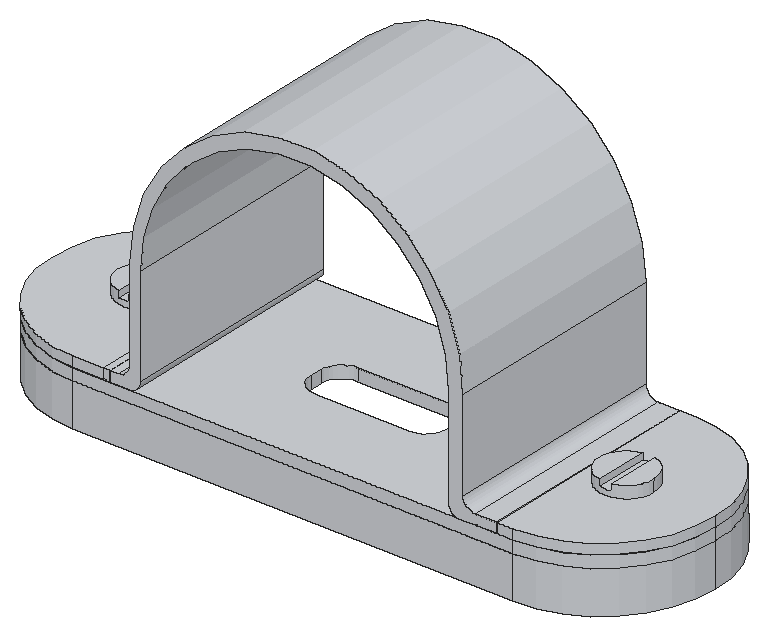
Revit family "SBS25G", category Generic Models, Revit 2017
Family settings
  Can host rebar = No
  Round Connector Dimension = Use Diameter
  Part Type = Normal
  Work Plane-Based = Yes
  Always vertical = No
  Cut with Voids When Loaded = No
  Shared = No
  Room Calculation Point = No
Parameters (values of type "NBS Standard Parameters")
  Weight = "0.025Kg"
  WarrantyStartDate [instance] = "1900-12-31T23:59:59"
  WarrantyGuarantorParts = "n/a"
  WarrantyGuarantorLabor = "n/a"
  WarrantyDurationUnit = "1 year"
  WarrantyDurationParts = "n/a"
  WarrantyDurationLabor = "n/a"
  WarrantyDescription = "n/a"
  Version = "1"
  Uniclass2 = "Pr_65_70_11_20"
  TagNumber [instance] = "n/a"
  SustainabilityPerformance = "n/a"
  Size = "25mm"
  Shape = "n/a"
  SerialNumber [instance] = "n/a"
  Revision = "n/a"
  ReplacementCost = "n/a"
  ProductInformation = "www.metpro.co.uk/pdf/sbs25g.pdf"
  NominalWidth = 22 mm
  NominalLength = 57 mm
  NominalHeight = 28 mm
  Name = ""
  NBSTypeID = ""
  NBSReference = "90-55-10/460"
  NBSOfficeMasterTag = ""
  NBSNote = ""
  NBSDescription = "Conduit Fittings"
  NBSCertification = ""
  ModelReference = "SBS25G"
  ModelNumber = "n/a"
  Material = "Pressed Steel"
  ManufacturerURL = "www.metpro.co.uk"
  ManufacturerName = "Metpro Ltd"
  InstallationDate [instance] = "1900-12-31T23:59:59"
  IfcExportType = ""
  IfcExportAs = ""
  Grade = "n/a"
  Finish = "Black"
  Features = "n/a"
  ExpectedLife = "n/a"
  DurationUnit = "year"
  Description = "SBS25G - 25mm Spacer Bar Saddle"
  Default Elevation = 1219.2 mm
  Constituents = "n/a"
  Color = "n/a"
  CodePerformance = "n/a"
  Category = "n/a"
  BarCode [instance] = "n/a"
  BIMObjectName = "Role_Source_Type_Generic"
  Author = "Metpro Ltd"
  AssetType = ""
  AssetIdentifier [instance] = "n/a"
  AccessibilityPerformance = "n/a"
Reference planes
  plane 1 "Center (Front/Back)": y = 0
  plane 2: z = 0
  plane 3 "Center (Left/Right)": x = 0
Forms (mm)
  Extrusion 1, solid
    sketch origin (0, 8.858, 9.642) x (1, 0, 0) y (0, 0, 1)
      loop
        line (12.5, 0) -> (12.5, -8.137)
        arc (12.5, -8.137) -> (12.734, -8.702) -> (13.3, -8.937) r 0.8
        line (13.3, -8.937) -> (16.361, -8.937) -> (16.361, -8.137) -> (14.599, -8.137)
        arc (14.599, -8.137) -> (13.908, -7.851) -> (13.622, -7.16) r 0.977
        line (13.622, -7.16) -> (13.622, 0.169)
        arc (13.622, 0.169) -> (0.122, 13.669) -> (-13.378, 0.169) r 13.5
        line (-13.378, 0.169) -> (-13.378, -7.165)
        arc (-13.378, -7.165) -> (-13.662, -7.852) -> (-14.35, -8.137) r 0.972
        line (-14.35, -8.137) -> (-15.468, -8.137) -> (-15.468, -8.953) -> (-13.355, -8.953)
        arc (-13.355, -8.953) -> (-12.75, -8.703) -> (-12.5, -8.099) r 0.855
        line (-12.5, -8.099) -> (-12.5, 0)
        arc (-12.5, 0) -> (0, 12.5) -> (12.5, 0) r 12.5
    from 0 to 18.5
  Extrusion 2, solid
    sketch origin (-23.542, 8.858, 0.689) x (0, -1, 0) y (-1, 0, 0)
      loop
        arc (18.5, -5.567) -> (15.772, 0.89) -> (9.241, 3.434) r 9.004
        arc (9.241, 3.434) -> (2.723, 0.894) -> (0, -5.55) r 8.987
        line (0, -5.55) -> (0, -41.224)
        arc (0, -41.224) -> (2.721, -47.666) -> (9.237, -50.206) r 8.986
        arc (9.237, -50.206) -> (15.771, -47.659) -> (18.5, -41.198) r 9.012
        line (18.5, -41.198) -> (18.5, -5.567)
      loop
        line (11.669, -23.542) -> (11.669, -19.735)
        arc (11.669, -19.735) -> (11.157, -18.499) -> (9.921, -17.987) r 1.748
        line (9.921, -17.987) -> (8.961, -17.987)
        arc (8.961, -17.987) -> (7.772, -18.48) -> (7.279, -19.67) r 1.683
        line (7.279, -19.67) -> (7.279, -27.345)
        arc (7.279, -27.345) -> (7.781, -28.557) -> (8.994, -29.06) r 1.715
        line (8.994, -29.06) -> (9.979, -29.06)
        arc (9.979, -29.06) -> (11.174, -28.565) -> (11.669, -27.37) r 1.69
        line (11.669, -27.37) -> (11.669, -23.542)
    from 0 to 1
  Extrusion 3, solid
    sketch origin (-23.542, 8.858, -0.311) x (0, -1, 0) y (1, 0, 0)
      loop
        line (18.5, 5.567) -> (18.5, 41.198)
        arc (18.5, 41.198) -> (15.771, 47.659) -> (9.237, 50.206) r 9.012
        arc (9.237, 50.206) -> (2.721, 47.666) -> (0, 41.224) r 8.986
        line (0, 41.224) -> (0, 5.55)
        arc (0, 5.55) -> (2.723, -0.894) -> (9.241, -3.434) r 8.987
        arc (9.241, -3.434) -> (15.772, -0.89) -> (18.5, 5.567) r 9.004
      loop
        line (17.5, 5.567) -> (17.5, 41.198)
        arc (17.5, 41.198) -> (15.064, 46.951) -> (9.237, 49.206) r 8.012
        arc (9.237, 49.206) -> (3.429, 46.959) -> (1, 41.224) r 7.986
        line (1, 41.224) -> (1, 5.55)
        arc (1, 5.55) -> (3.43, -0.187) -> (9.241, -2.433) r 7.987
        arc (9.241, -2.433) -> (15.065, -0.182) -> (17.5, 5.567) r 8.004
    from 0 to -3.465
  Extrusion 4, solid
    sketch origin (10.708, 8.858, 1.505) x (1, 0, 0) y (0, 1, 0)
      loop
        circle (8.769, -9.237) r 2.242
      loop
        circle (-30.191, -9.237) r 2.242
    from 0 to 0.948
  Extrusion 5, void
    sketch origin (10.708, 8.858, 2.454) x (0, 1, 0) y (1, 0, 0)
      loop
        line (-11.916, -29.82) -> (-11.916, -30.657) -> (-6.427, -30.657) -> (-6.427, -29.82) -> (-11.916, -29.82)
      loop
        line (-11.916, 8.318) -> (-6.283, 8.318) -> (-6.283, 9.317) -> (-11.916, 9.317) -> (-11.916, 8.318)
    from 0 to 0.5
  Extrusion 6, solid
    sketch origin (-13.378, 8.858, 1.505) x (-1, 0, 0) y (0, -1, 0)
      loop
        line (4.598, 18.5) -> (1.646, 18.5) -> (1.646, 0) -> (4.615, 0)
        arc (4.615, 0) -> (11.059, 2.723) -> (13.599, 9.241) r 8.987
        arc (13.599, 9.241) -> (11.054, 15.772) -> (4.598, 18.5) r 9.004
      loop
        line (-31.059, 0) -> (-28.144, 0) -> (-28.144, 18.5) -> (-31.033, 18.5)
        arc (-31.033, 18.5) -> (-37.494, 15.771) -> (-40.042, 9.237) r 9.012
        arc (-40.042, 9.237) -> (-37.501, 2.721) -> (-31.059, 0) r 8.986
    from 0 to -0.8
Cuts and joins
  Extrusion 5 cuts Extrusion 2
  Extrusion 5 cuts Extrusion 4
Dimensions and locks
  aligned and locked: level to plane 2
